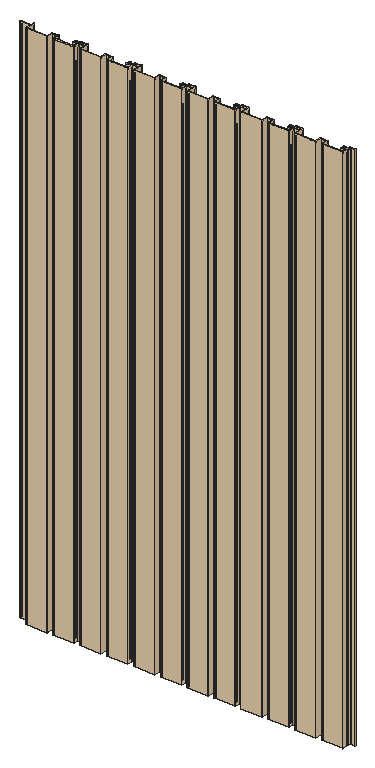
Revit family "UNVERSAL 4-4", category Mechanical Equipment, Revit 2017
Family settings
  Round Connector Dimension = Use Diameter
  Part Type = Normal
  Work Plane-Based = No
  Always vertical = Yes
  Cut with Voids When Loaded = No
  Shared = No
  Room Calculation Point = No
Parameters (values of type "Pine")
  Width = 100 mm * Panel Number + 20 mm  # 620 mm
  URL = "https://gtoaluminum.com/product/universal-44/"
  Single = Panel Number = 1  # no
  Panel Number = 6
  Array Number = if(Panel Number = 1, 2, Panel Number)  # 6
  Model = "Universal 4-4"
  Manufacturer = "gtoaluminum"
  Height = 1000 mm
  Finish = Pine, Scots
  Dimensions = "4.72”W x 0.70”H x 19’L | 0.047” thickness"
  Description = "This profile is ideal for both interior and exterior cladding. It emulates the same width as the Click 40 profiles, but it is fully enclosed and works better for exterior cladding, perfect for backyard walls and doors. It can also be used in living rooms or offices that require a “warmer” look. It comes in different shades of wood and other colors or can be painted in a custom color."
  Bottom Offset = 0 mm
  Array = not(Single)  # yes
Types (8, lengths in mm): name | Width | Panel Number | Array Number | Height | Finish | Bottom Offset
  (no name) | 620 | 6 | 6 | 1000 | Pine, Scots | 0
  Espresso | 20 | 0 | 0 | 3000 | Espresso | 50
  Oak | 20 | 0 | 0 | 3000 | Wood (Oak) | 50
  Pine | 620 | 6 | 6 | 1000 | Pine, Scots | 0
  Gray | 20 | 0 | 0 | 3000 | Gray | 50
  Charcol | 20 | 0 | 0 | 3000 | Charcol | 50
  Matte | 20 | 0 | 0 | 3000 | Matte | 50
  gloss | 20 | 0 | 0 | 3000 | Gloss | 50
Reference planes
  plane 1 "Center (Front/Back)": y = 0
  plane 2: z = 0
  plane 3 "Center (Left/Right)": x = 0
  plane 4: x = 620
Dimensions and locks
  "Width": plane 3 "Center (Left/Right)" to plane 4
  equal spacing: group 1, group 2, group 3, group 4, group 5, group 6  (x3)
  aligned and locked: level to plane 2
  aligned and locked: plane 3 "Center (Left/Right)" to nested 1
  aligned and locked: plane 3 "Center (Left/Right)" to nested 6
  aligned and locked: nested 6 to nested 1
Nested families
  nested 1: "profile" at (0, 0, 0), visible <- "Array", type "profile"
    with Height 1000 mm, Bottom Offset 0 mm
  nested 2: "profile" at (100.62, 0, 0), visible <- "Array", type "profile"
    with Height 1000 mm, Bottom Offset 0 mm
  nested 3: "profile" at (201.239, 0, 0), visible <- "Array", type "profile"
    with Height 1000 mm, Bottom Offset 0 mm
  nested 4: "profile" at (301.859, 0, 0), visible <- "Array", type "profile"
    with Height 1000 mm, Bottom Offset 0 mm
  nested 5: "profile" at (402.479, 0, 0), visible <- "Array", type "profile"
    with Height 1000 mm, Bottom Offset 0 mm
  nested 6: "profile" at (0, 0, 0), visible <- "Single", type "profile"
    with Height 1000 mm, Bottom Offset 0 mm
  nested 7: "profile" at (503.098, 0, 0), visible <- "Array", type "profile"
    with Height 1000 mm, Bottom Offset 0 mm
Definition of nested family "profile"
  Parameters (values of type "profile")
    Height = 3000 mm
    Finish = none
    Bottom Offset = 50 mm
  Reference planes
    plane 1 "Center (Front/Back)": y = 0
    plane 2: z = 0
    plane 3 "Center (Left/Right)": x = 0
    plane 4: z = 3000
    plane 5: z = 50
    plane 6: x = 68.857
  Forms (mm)
    Extrusion 1, solid, material <- "Finish"
      sketch origin (0, 3.6, 0) x (1, 0, 0) y (0, 1, 0)
        loop
          arc (109.208, 14.397) -> (108.849, 14.249) -> (108.7, 13.889) r 0.508
          line (108.7, 13.889) -> (108.7, 12.055)
          arc (108.7, 12.055) -> (108.551, 11.696) -> (108.192, 11.547) r 0.508
          line (108.192, 11.547) -> (99.908, 11.547)
          arc (99.908, 11.547) -> (99.549, 11.399) -> (99.4, 11.039) r 0.508
          line (99.4, 11.039) -> (99.4, 5.455)
          arc (99.4, 5.455) -> (99.549, 5.096) -> (99.908, 4.947) r 0.508
          line (99.908, 4.947) -> (108.192, 4.947)
          arc (108.192, 4.947) -> (108.551, 4.798) -> (108.7, 4.439) r 0.508
          line (108.7, 4.439) -> (108.7, -1.795)
          arc (108.7, -1.795) -> (108.551, -2.154) -> (108.192, -2.303) r 0.508
          line (108.192, -2.303) -> (71.808, -2.303)
          arc (71.808, -2.303) -> (71.449, -2.154) -> (71.3, -1.795) r 0.508
          line (71.3, -1.795) -> (71.3, 7.889)
          arc (71.3, 7.889) -> (71.151, 8.249) -> (70.792, 8.397) r 0.508
          line (70.792, 8.397) -> (58.708, 8.397)
          arc (58.708, 8.397) -> (58.349, 8.249) -> (58.2, 7.889) r 0.508
          line (58.2, 7.889) -> (58.2, -1.795)
          arc (58.2, -1.795) -> (58.051, -2.154) -> (57.692, -2.303) r 0.508
          line (57.692, -2.303) -> (21.308, -2.303)
          arc (21.308, -2.303) -> (20.949, -2.154) -> (20.8, -1.795) r 0.508
          line (20.8, -1.795) -> (20.8, 13.75)
          arc (20.8, 13.75) -> (20.15, 14.4) -> (19.5, 13.75) r 0.65
          line (19.5, 13.75) -> (19.5, 8.896)
          arc (19.5, 8.896) -> (19.354, 8.543) -> (19.001, 8.397) r 0.499
          line (19.001, 8.397) -> (2.629, 8.397)
          arc (2.629, 8.397) -> (2.221, 8.523) -> (1.954, 8.857) r 0.726
          arc (1.954, 8.857) -> (0.918, 9.501) -> (0, 8.697) r 1.024
          line (0, 8.697) -> (0, 7.897)
          arc (0, 7.897) -> (0.234, 7.332) -> (0.8, 7.097) r 0.8
          line (0.8, 7.097) -> (18.999, 7.097)
          arc (18.999, 7.097) -> (19.353, 6.951) -> (19.5, 6.597) r 0.501
          line (19.5, 6.597) -> (19.5, -3.095)
          arc (19.5, -3.095) -> (19.649, -3.454) -> (20.008, -3.603) r 0.508
          line (20.008, -3.603) -> (58.992, -3.603)
          arc (58.992, -3.603) -> (59.351, -3.454) -> (59.5, -3.095) r 0.508
          line (59.5, -3.095) -> (59.5, 6.589)
          arc (59.5, 6.589) -> (59.649, 6.949) -> (60.008, 7.097) r 0.508
          line (60.008, 7.097) -> (69.492, 7.097)
          arc (69.492, 7.097) -> (69.851, 6.949) -> (70, 6.589) r 0.508
          line (70, 6.589) -> (70, -3.095)
          arc (70, -3.095) -> (70.149, -3.454) -> (70.508, -3.603) r 0.508
          line (70.508, -3.603) -> (109.492, -3.603)
          arc (109.492, -3.603) -> (109.852, -3.454) -> (110, -3.095) r 0.508
          line (110, -3.095) -> (110, 5.739)
          arc (110, 5.739) -> (109.852, 6.099) -> (109.492, 6.247) r 0.508
          line (109.492, 6.247) -> (101.208, 6.247)
          arc (101.208, 6.247) -> (100.849, 6.396) -> (100.7, 6.755) r 0.508
          line (100.7, 6.755) -> (100.7, 9.739)
          arc (100.7, 9.739) -> (100.849, 10.099) -> (101.208, 10.247) r 0.508
          line (101.208, 10.247) -> (109.492, 10.247)
          arc (109.492, 10.247) -> (109.852, 10.396) -> (110, 10.755) r 0.508
          line (110, 10.755) -> (110, 12.589)
          arc (110, 12.589) -> (110.149, 12.949) -> (110.508, 13.097) r 0.508
          line (110.508, 13.097) -> (118.347, 13.097)
          arc (118.347, 13.097) -> (118.997, 13.747) -> (118.347, 14.397) r 0.65
          line (118.347, 14.397) -> (109.208, 14.397)
      from 50 to 3000
  Dimensions and locks
    "Height": plane 4 to plane 2
    "Bottom Offset": plane 5 to level
    aligned and locked: level to plane 2
    aligned and locked: Extrusion 1 to plane 4
    aligned and locked: plane 5 to Extrusion 1
  Automatic sketch dimensions
    Extrusion 1 sketch curve to plane 3 "Center (Left/Right)" = 0 mm
    plane 3 "Center (Left/Right)" to Extrusion 1 sketch curve = 0.8 mm
    Extrusion 1 sketch curve to Extrusion 1 sketch curve = 0.201 mm
    Extrusion 1 sketch curve to Extrusion 1 sketch curve = 1.628 mm
    Extrusion 1 sketch curve to Extrusion 1 sketch curve = 16.37 mm
    Extrusion 1 sketch curve to Extrusion 1 sketch curve = 0.002 mm
    Extrusion 1 sketch curve to plane 1 "Center (Front/Back)" = 0.505 mm  (x3)
    Extrusion 1 sketch curve to Extrusion 1 sketch curve = 0.501 mm
    Extrusion 1 sketch curve to Extrusion 1 sketch curve = 0.499 mm
    Extrusion 1 sketch curve to Extrusion 1 sketch curve = 0.508 mm  (x17)
    Extrusion 1 sketch curve to Extrusion 1 sketch curve = 0.65 mm  (x2)
    Extrusion 1 sketch curve to plane 1 "Center (Front/Back)" = 1.297 mm
    plane 6 to Extrusion 1 sketch curve = 11.165 mm
    Extrusion 1 sketch curve to Extrusion 1 sketch curve = 1.3 mm  (x7)
    Extrusion 1 sketch curve to plane 6 = 0.635 mm
    plane 1 "Center (Front/Back)" to Extrusion 1 sketch curve = 0.003 mm
    Extrusion 1 sketch curve to Extrusion 1 sketch curve = 0.792 mm  (x4)
    Extrusion 1 sketch curve to plane 1 "Center (Front/Back)" = 14.639 mm
    Extrusion 1 sketch curve to Extrusion 1 sketch curve = 28.1 mm
    Extrusion 1 sketch curve to Extrusion 1 sketch curve = 6.984 mm
    Extrusion 1 sketch curve to Extrusion 1 sketch curve = 0 mm  (x2)
    Extrusion 1 sketch curve to plane 1 "Center (Front/Back)" = 1.805 mm
    Extrusion 1 sketch curve to Extrusion 1 sketch curve = 7.839 mm
    Extrusion 1 sketch curve to Extrusion 1 sketch curve = 6.234 mm
    Extrusion 1 sketch curve to Extrusion 1 sketch curve = 8.384 mm
    Extrusion 1 sketch curve to Extrusion 1 sketch curve = 8.391 mm
    Extrusion 1 sketch curve to Extrusion 1 sketch curve = 0.583 mm
    Extrusion 1 sketch curve to Extrusion 1 sketch curve = 0.8 mm
    Extrusion 1 sketch curve to Extrusion 1 sketch curve = 0.726 mm
    Extrusion 1 sketch curve to Extrusion 1 sketch curve = 0.534 mm
    Extrusion 1 sketch curve to Extrusion 1 sketch curve = 4.854 mm
